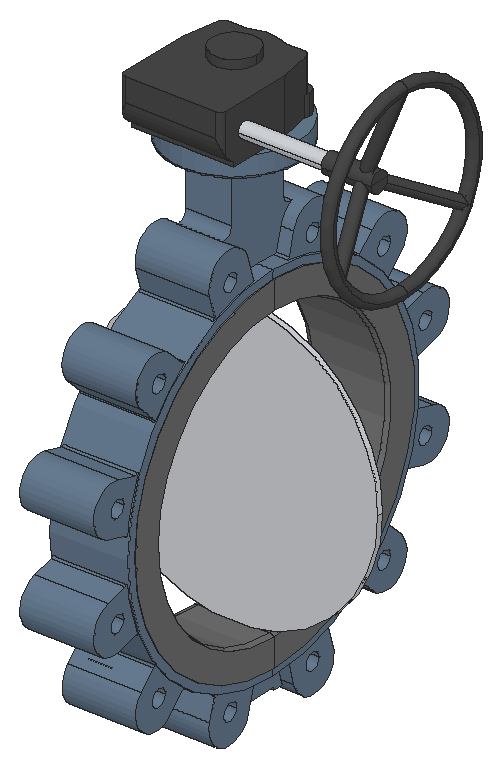
Revit family "Запорно-регулирующая заслонка с ручным редукторным приводом AF-4219", category Rohrzubehör, Revit 2020
Family settings
  Bemaßung runder Anschluss = Durchmesser verwenden
  Teiletyp = Unterbricht
  OmniClass-Nummer = 23.65.55.14
  OmniClass-Titel = Valves for Liquid Services
  Arbeitsebenenbasiert = Nein
  Immer vertikal = Ja
  Beim Laden mit Abzugskörper schneiden = Nein
  Gemeinsam genutzt = Nein
Parameters
  Шпиндель = "Нержавеющая сталь ASTM-A276 / Type 316"  # constant formula
  Фланцевое соединение = "В соответствии с EN1092-2"  # constant formula
  Уплотнение корпуса = "EPDM в соответствии с ISO 1691"  # constant formula
  Среда = "Качество теплоносителя в соответствии с ÖNORM H5195 и/или предписаниями VDI 2035.\r\nРазрешается использование смеси этилен или пропиленгликоля в соотношении 25-50% с водой."
  Область применения = "Применяются в системах тепло- и холодоснабжения."
  Номер заказа [instance] = size_lookup("4219_AF_G", "Artnr", 421911, Nennweite)  # 1421979
  Макс. рабочая температура = 110 °C  # constant formula
  Крутящий момент в Нм [instance] = size_lookup("4219_AF_G", "Nm", 20, Nennweite)  # 350
  Корпус = "Чугун GGG, GJS-400-15/JS1030, в соответствии с EN1563"  # constant formula
  Диск = "Нержавеющая сталь 1.4408"  # constant formula
  Вес [instance] = size_lookup("4219_AF_G", "Gewicht", 3.8, Nennweite)  # 37.6
  Болты [instance] = if(Nennweite = 50 mm, "4x M16x35", if(Nennweite = 65 mm, "4x M16x35", if(Nennweite = 80 mm, "8x M16x35", if(Nennweite = 100 mm, "8x M16x40", if(Nennweite = 125 mm, "8x M16x40", if(Nennweite = 150 mm, "8x M20x40", if(Nennweite = 200 mm, "12x M20x45", if(Nennweite = 250 mm, "12x M24x45", "12x M24x45"))))))))  # "12x M24x45"
  Vorgabe-Ansicht = 0 mm
  URL = "www.herz-armaturen.ru"
  SCTWSEQ = "FW;SBT_TYP_FW=\"101\";2"
  SCTWCODE = "04;07;02"  # constant formula
  SCRNSEQ = "ARM;ARM_TYP=\"ALLF\";2"
  SCRNCODE = "05;13;02"  # constant formula
  R99 = 1.5 mm  # constant formula
  PN [instance] = size_lookup("4219_AF_G", "PN", 16, Nennweite)  # 10
  O-Ring = "EPDM в соответствии с ISO 1691"  # constant formula
  Мин. рабочая температура = "-20.00 °C при соответствующей водно-гликолевой смеси"  # constant formula
  L04 [instance] = L01 - 3.5 mm  # 35.5 mm
  L03 [instance] = L01 + 1.5 mm  # 40.5 mm
  L02 [instance] = size_lookup("4219_AF_G", "L2", 14.5 mm, Nennweite)  # 30.5 mm
  L01 [instance] = size_lookup("4219_AF_G", "L1", 21.5 mm, Nennweite)  # 39 mm
  R01 [instance] = size_lookup("4219_AF_G", "R1", 44 mm, Nennweite)  # 65 mm
  Nennweite [instance] = 300 mm
  Hersteller = "HERZ Armaturen Ges.m.b.H."  # constant formula
  H02 [instance] = size_lookup("4219_AF_G", "H2", 13 mm, Nennweite)  # 20 mm
  H01 [instance] = size_lookup("4219_AF_G", "H1", 125 mm, Nennweite)  # 308 mm
  DN80 [instance] = Nennweite = 80 mm  # no
  DN65 [instance] = Nennweite = 65 mm  # no
  DN50 [instance] = Nennweite = 50 mm  # no
  DN300 [instance] = Nennweite = 300 mm  # yes
  DN250 [instance] = Nennweite = 250 mm  # no
  DN200 [instance] = Nennweite = 200 mm  # no
  DN150 [instance] = Nennweite = 150 mm  # no
  DN125 [instance] = Nennweite = 125 mm  # no
  DN100 [instance] = Nennweite = 100 mm  # no
  D06 [instance] = size_lookup("4219_AF_G", "D6", 25.3 mm, Nennweite)  # 146.5 mm
  D05 [instance] = size_lookup("4219_AF_G", "D5", 24.5 mm, Nennweite)  # 145 mm
  D04 [instance] = D05 + 2 mm  # 147 mm
  D03 [instance] = size_lookup("4219_AF_G", "D3", 35.5 mm, Nennweite)  # 167.5 mm
  D02 [instance] = size_lookup("4219_AF_G", "D2", 41 mm, Nennweite)  # 175 mm
  D01 [instance] = size_lookup("4219_AF_G", "D1", 47 mm, Nennweite)  # 183 mm
Reference planes
  plane 1 "Mitte (Vorne/hinten)": y = 0
  plane 2: z = 0
  plane 3 "Mitte (Links/rechts)": x = 0
Forms (mm)
  Revolve 1, solid, material "Herz-Metall-blau", detail levels fine
    sketch origin (0, 0, 0) x (1, 0, 0) y (0, 0, 1)
      loop
        line (-30.5, 175) -> (-30.5, 167.5) -> (30.5, 167.5) -> (30.5, 175) -> (39, 175) -> (39, 183) -> (-39, 183) -> (-39, 175) -> (-30.5, 175)
      axis (-39, 0) -> (39, 0)
    angle from 0 to 360
  Revolve 2, solid, material "Herz-Metall-blau", detail levels fine
    sketch origin (0, 0, 0) x (1, 0, 0) y (0, 0, 1)
      loop
        line (-65, 308) -> (-65, 289.463)
        arc (-65, 289.463) -> (-64.673, 288.527) -> (-63.833, 288) r 1.5
        line (-63.833, 288) -> (0, 288) -> (0, 308) -> (-65, 308)
      axis (0, 308) -> (0, 288)
    angle from 0 to 360
  Extrusion 3, solid, material "Herz-Metall-blau", visible <- "DN50", detail levels fine
    sketch origin (0, 0, 0) x (0, 1, 0) y (0, 0, 1)
      loop
        line (56.215, -32.173) -> (43.95, -19.909)
        arc (43.95, -19.909) -> (43.387, -18.793) -> (43.596, -17.56) r 2
        arc (43.596, -17.56) -> (33.234, -33.234) -> (17.56, -43.596) r 47
        arc (17.56, -43.596) -> (18.793, -43.387) -> (19.909, -43.95) r 2
        line (19.909, -43.95) -> (32.173, -56.215)
        arc (32.173, -56.215) -> (56.215, -56.215) -> (56.215, -32.173) r 17
      loop
        arc (-56.215, -32.173) -> (-56.215, -56.215) -> (-32.173, -56.215) r 17
        line (-32.173, -56.215) -> (-19.909, -43.95)
        arc (-19.909, -43.95) -> (-18.793, -43.387) -> (-17.56, -43.596) r 2
        arc (-17.56, -43.596) -> (-33.234, -33.234) -> (-43.596, -17.56) r 47
        arc (-43.596, -17.56) -> (-43.387, -18.793) -> (-43.95, -19.909) r 2
        line (-43.95, -19.909) -> (-56.215, -32.173)
      loop
        arc (56.215, 32.173) -> (56.215, 56.215) -> (32.173, 56.215) r 17
        line (32.173, 56.215) -> (19.909, 43.95)
        arc (19.909, 43.95) -> (18.793, 43.387) -> (17.56, 43.596) r 2
        arc (17.56, 43.596) -> (33.234, 33.234) -> (43.596, 17.56) r 47
        arc (43.596, 17.56) -> (43.387, 18.793) -> (43.95, 19.909) r 2
        line (43.95, 19.909) -> (56.215, 32.173)
      loop
        line (-56.215, 32.173) -> (-43.95, 19.909)
        arc (-43.95, 19.909) -> (-43.387, 18.793) -> (-43.596, 17.56) r 2
        arc (-43.596, 17.56) -> (-33.234, 33.234) -> (-17.56, 43.596) r 47
        arc (-17.56, 43.596) -> (-18.793, 43.387) -> (-19.909, 43.95) r 2
        line (-19.909, 43.95) -> (-32.173, 56.215)
        arc (-32.173, 56.215) -> (-56.215, 56.215) -> (-56.215, 32.173) r 17
      loop
        circle (-44.194, 44.194) r 6.92
      loop
        circle (44.194, 44.194) r 6.92
      loop
        circle (44.194, -44.194) r 6.92
      loop
        circle (-44.194, -44.194) r 6.92
    from -19.5 to 19.5
  Extrusion 4, solid, material "Herz-Metall-blau", visible <- "DN50", detail levels fine
    sketch origin (0, 0, 0) x (0, 1, 0) y (0, 0, 1)
      loop
        line (20, 74.845) -> (20, 112) -> (-20, 112) -> (-20, 74.845)
        arc (-20, 74.845) -> (-26.046, 62.811) -> (-39.31, 60.477) r 15
        arc (-39.31, 60.477) -> (-35.477, 58.789) -> (-32.173, 56.215) r 17
        line (-32.173, 56.215) -> (-19.909, 43.95)
        arc (-19.909, 43.95) -> (-18.793, 43.387) -> (-17.56, 43.596) r 2
        arc (-17.56, 43.596) -> (0, 47) -> (17.56, 43.596) r 47
        arc (17.56, 43.596) -> (18.793, 43.387) -> (19.909, 43.95) r 2
        line (19.909, 43.95) -> (32.173, 56.215)
        arc (32.173, 56.215) -> (35.477, 58.789) -> (39.31, 60.477) r 17
        arc (39.31, 60.477) -> (26.046, 62.811) -> (20, 74.845) r 15
    from -15 to 15
  Extrusion 5, solid, material "Herz-Metall-blau", visible <- "DN50"
    sketch origin (0, 0, 0) x (0, 1, 0) y (0, 0, 1)
      loop
        arc (33.834, -58) -> (34.246, -58.062) -> (34.622, -58.243) r 1.4
        arc (34.622, -58.243) -> (33.35, -57.286) -> (32.173, -56.215) r 17
        line (32.173, -56.215) -> (19.909, -43.95)
        arc (19.909, -43.95) -> (18.793, -43.387) -> (17.56, -43.596) r 2
        arc (17.56, -43.596) -> (0, -47) -> (-17.56, -43.596) r 47
        arc (-17.56, -43.596) -> (-18.793, -43.387) -> (-19.909, -43.95) r 2
        line (-19.909, -43.95) -> (-32.173, -56.215)
        arc (-32.173, -56.215) -> (-33.35, -57.286) -> (-34.622, -58.243) r 17
        arc (-34.622, -58.243) -> (-34.246, -58.062) -> (-33.834, -58) r 1.4
        line (-33.834, -58) -> (-16.963, -58)
        arc (-16.963, -58) -> (-15.575, -58.575) -> (-15, -59.963) r 1.963
        line (-15, -59.963) -> (-15, -61) -> (15, -61) -> (15, -59.963)
        arc (15, -59.963) -> (15.575, -58.575) -> (16.963, -58) r 1.963
        line (16.963, -58) -> (33.834, -58)
    from -15 to 15
  Revolve 6, solid, material "Gummi", detail levels fine
    sketch origin (-134.5, 0, 0) x (1, 0, 0) y (0, 0, 1)
      loop
        line (94, 175) -> (94, 147) -> (99, 145) -> (170, 145) -> (175, 147) -> (175, 175) -> (165, 175) -> (165, 167.5) -> (104, 167.5) -> (104, 175) -> (94, 175)
      axis (94, 0) -> (175, 0)
    angle from 0 to 360
  Extrusion 7, solid, detail levels fine
    sketch origin (0, 0, 0) x (1, 0, 0) y (0, 0, 1)
      loop
        circle (0, 0) r 146.5
    from -2.5 to 2.5
  Extrusion 8, solid, material "Herz-Metall-blau", visible <- "DN65", detail levels fine
    sketch origin (0, -300, 0) x (0, 1, 0) y (0, 0, 1)
      loop
        circle (351.265, 51.265) r 6.92
      loop
        arc (363.286, 39.244) -> (363.286, 63.286) -> (339.244, 63.286) r 17
        line (339.244, 63.286) -> (328.595, 52.636)
        arc (328.595, 52.636) -> (327.499, 52.076) -> (326.282, 52.264) r 2
        arc (326.282, 52.264) -> (341.366, 41.366) -> (352.264, 26.282) r 58.501
        arc (352.264, 26.282) -> (352.087, 27.51) -> (352.656, 28.614) r 2.038
        line (352.656, 28.614) -> (363.286, 39.244)
      loop
        circle (351.265, -51.265) r 6.92
      loop
        line (363.286, -39.244) -> (352.656, -28.614)
        arc (352.656, -28.614) -> (352.087, -27.51) -> (352.264, -26.282) r 2.038
        arc (352.264, -26.282) -> (341.366, -41.366) -> (326.282, -52.264) r 58.501
        arc (326.282, -52.264) -> (327.499, -52.076) -> (328.595, -52.636) r 2
        line (328.595, -52.636) -> (339.244, -63.286)
        arc (339.244, -63.286) -> (363.286, -63.286) -> (363.286, -39.244) r 17
      loop
        circle (248.735, 51.265) r 6.92
      loop
        line (236.714, 39.244) -> (247.344, 28.614)
        arc (247.344, 28.614) -> (247.913, 27.51) -> (247.736, 26.282) r 2.038
        arc (247.736, 26.282) -> (258.634, 41.366) -> (273.718, 52.264) r 58.501
        arc (273.718, 52.264) -> (272.501, 52.076) -> (271.405, 52.636) r 2
        line (271.405, 52.636) -> (260.756, 63.286)
        arc (260.756, 63.286) -> (236.714, 63.286) -> (236.714, 39.244) r 17
      loop
        circle (248.735, -51.265) r 6.92
      loop
        arc (236.714, -39.244) -> (236.714, -63.286) -> (260.756, -63.286) r 17
        line (260.756, -63.286) -> (271.405, -52.636)
        arc (271.405, -52.636) -> (272.501, -52.076) -> (273.718, -52.264) r 2
        arc (273.718, -52.264) -> (258.634, -41.366) -> (247.736, -26.282) r 58.501
        arc (247.736, -26.282) -> (247.913, -27.51) -> (247.344, -28.614) r 2.038
        line (247.344, -28.614) -> (236.714, -39.244)
    from -21 to 21
  Extrusion 9, solid, material "Herz-Metall-blau", visible <- "DN65", detail levels fine
    sketch origin (0, -300, 0) x (0, 1, 0) y (0, 0, 1)
      loop
        line (278, 136.5) -> (278, 78.286)
        arc (278, 78.286) -> (272.889, 69.099) -> (263, 65.53) r 14.984
        line (263, 65.53) -> (257.982, 65.53)
        arc (257.982, 65.53) -> (259.428, 64.481) -> (260.756, 63.286) r 17
        line (260.756, 63.286) -> (271.405, 52.636)
        arc (271.405, 52.636) -> (272.501, 52.076) -> (273.718, 52.264) r 2
        arc (273.718, 52.264) -> (300, 58.5) -> (326.282, 52.264) r 58.5
        arc (326.282, 52.264) -> (327.499, 52.076) -> (328.595, 52.636) r 2
        line (328.595, 52.636) -> (339.244, 63.286)
        arc (339.244, 63.286) -> (340.572, 64.481) -> (342.018, 65.53) r 17
        line (342.018, 65.53) -> (337, 65.53)
        arc (337, 65.53) -> (327.111, 69.099) -> (322, 78.286) r 14.984
        line (322, 78.286) -> (322, 136.5) -> (278, 136.5)
      loop
        arc (260.756, -63.286) -> (259.428, -64.481) -> (257.982, -65.53) r 17
        line (257.982, -65.53) -> (280.029, -65.53)
        arc (280.029, -65.53) -> (281.423, -66.108) -> (282, -67.501) r 1.971
        line (282, -67.501) -> (282, -74) -> (318, -74) -> (318, -67.527)
        arc (318, -67.527) -> (318.585, -66.115) -> (319.997, -65.53) r 1.997
        line (319.997, -65.53) -> (342.018, -65.53)
        arc (342.018, -65.53) -> (340.572, -64.481) -> (339.244, -63.286) r 17
        line (339.244, -63.286) -> (328.595, -52.636)
        arc (328.595, -52.636) -> (327.499, -52.076) -> (326.282, -52.264) r 2
        arc (326.282, -52.264) -> (300, -58.5) -> (273.718, -52.264) r 58.5
        arc (273.718, -52.264) -> (272.501, -52.076) -> (271.405, -52.636) r 2
        line (271.405, -52.636) -> (260.756, -63.286)
    from -18 to 18
  Extrusion 10, solid, material "Herz-Metall-blau", visible <- "DN80", detail levels fine
    sketch origin (0, -300, 0) x (0, 1, 0) y (0, 0, 1)
      loop
        circle (269.385, 73.91) r 6.92
      loop
        arc (285.091, 80.416) -> (262.88, 89.616) -> (253.679, 67.405) r 17
        line (253.679, 67.405) -> (259.513, 53.322)
        arc (259.513, 53.322) -> (259.602, 52.073) -> (258.924, 51.02) r 1.982
        arc (258.924, 51.02) -> (274.934, 60.514) -> (292.968, 65.121) r 65.5
        arc (292.968, 65.121) -> (291.745, 65.388) -> (290.924, 66.335) r 1.984
        line (290.924, 66.335) -> (285.091, 80.416)
      loop
        circle (226.09, 30.615) r 6.92
      loop
        line (219.584, 14.909) -> (233.665, 9.076)
        arc (233.665, 9.076) -> (234.612, 8.255) -> (234.879, 7.032) r 1.984
        arc (234.879, 7.032) -> (239.486, 25.066) -> (248.98, 41.076) r 65.5
        arc (248.98, 41.076) -> (247.927, 40.398) -> (246.678, 40.487) r 1.982
        line (246.678, 40.487) -> (232.595, 46.321)
        arc (232.595, 46.321) -> (210.384, 37.12) -> (219.584, 14.909) r 17
      loop
        circle (269.385, -73.91) r 6.92
      loop
        line (285.091, -80.416) -> (290.924, -66.335)
        arc (290.924, -66.335) -> (291.745, -65.388) -> (292.968, -65.121) r 1.984
        arc (292.968, -65.121) -> (274.934, -60.514) -> (258.924, -51.02) r 65.5
        arc (258.924, -51.02) -> (259.602, -52.073) -> (259.513, -53.322) r 1.982
        line (259.513, -53.322) -> (253.679, -67.405)
        arc (253.679, -67.405) -> (262.88, -89.616) -> (285.091, -80.416) r 17
      loop
        circle (226.09, -30.615) r 6.92
      loop
        arc (219.584, -14.909) -> (210.384, -37.12) -> (232.595, -46.321) r 17
        line (232.595, -46.321) -> (246.678, -40.487)
        arc (246.678, -40.487) -> (247.927, -40.398) -> (248.98, -41.076) r 1.982
        arc (248.98, -41.076) -> (239.486, -25.066) -> (234.879, -7.032) r 65.5
        arc (234.879, -7.032) -> (234.612, -8.255) -> (233.665, -9.076) r 1.984
        line (233.665, -9.076) -> (219.584, -14.909)
      loop
        circle (330.615, 73.91) r 6.92
      loop
        line (314.909, 80.416) -> (309.076, 66.335)
        arc (309.076, 66.335) -> (308.255, 65.388) -> (307.032, 65.121) r 1.984
        arc (307.032, 65.121) -> (325.066, 60.514) -> (341.076, 51.02) r 65.5
        arc (341.076, 51.02) -> (340.398, 52.073) -> (340.487, 53.322) r 1.982
        line (340.487, 53.322) -> (346.321, 67.405)
        arc (346.321, 67.405) -> (337.12, 89.616) -> (314.909, 80.416) r 17
      loop
        circle (373.91, 30.615) r 6.92
      loop
        arc (380.416, 14.909) -> (389.616, 37.12) -> (367.405, 46.321) r 17
        line (367.405, 46.321) -> (353.322, 40.487)
        arc (353.322, 40.487) -> (352.073, 40.398) -> (351.02, 41.076) r 1.982
        arc (351.02, 41.076) -> (360.514, 25.066) -> (365.121, 7.032) r 65.5
        arc (365.121, 7.032) -> (365.388, 8.255) -> (366.335, 9.076) r 1.984
        line (366.335, 9.076) -> (380.416, 14.909)
      loop
        circle (330.615, -73.91) r 6.92
      loop
        arc (314.909, -80.416) -> (337.12, -89.616) -> (346.321, -67.405) r 17
        line (346.321, -67.405) -> (340.487, -53.322)
        arc (340.487, -53.322) -> (340.398, -52.073) -> (341.076, -51.02) r 1.982
        arc (341.076, -51.02) -> (325.066, -60.514) -> (307.032, -65.121) r 65.5
        arc (307.032, -65.121) -> (308.255, -65.388) -> (309.076, -66.335) r 1.984
        line (309.076, -66.335) -> (314.909, -80.416)
      loop
        circle (373.91, -30.615) r 6.92
      loop
        line (380.416, -14.909) -> (366.335, -9.076)
        arc (366.335, -9.076) -> (365.388, -8.255) -> (365.121, -7.032) r 1.984
        arc (365.121, -7.032) -> (360.514, -25.066) -> (351.02, -41.076) r 65.5
        arc (351.02, -41.076) -> (352.073, -40.398) -> (353.322, -40.487) r 1.982
        line (353.322, -40.487) -> (367.405, -46.321)
        arc (367.405, -46.321) -> (389.616, -37.12) -> (380.416, -14.909) r 17
    from -21 to 21
  Extrusion 11, solid, material "Herz-Metall-blau", visible <- "DN80", detail levels fine
    sketch origin (0, -300, 0) x (0, 1, 0) y (0, 0, 1)
      loop
        line (278, 143.5) -> (278, 100.814)
        arc (278, 100.814) -> (275.545, 94.251) -> (269.385, 90.91) r 10
        arc (269.385, 90.91) -> (278.83, 88.045) -> (285.091, 80.416) r 17
        line (285.091, 80.416) -> (290.924, 66.335)
        arc (290.924, 66.335) -> (291.744, 65.388) -> (292.968, 65.121) r 1.984
        arc (292.968, 65.121) -> (300, 65.497) -> (307.032, 65.121) r 66.05
        arc (307.032, 65.121) -> (308.256, 65.388) -> (309.076, 66.335) r 1.984
        line (309.076, 66.335) -> (314.909, 80.416)
        arc (314.909, 80.416) -> (321.17, 88.045) -> (330.615, 90.91) r 17
        arc (330.615, 90.91) -> (324.455, 94.251) -> (322, 100.814) r 10
        line (322, 100.814) -> (322, 143.5) -> (278, 143.5)
      loop
        line (285.091, -80.416) -> (286.5, -80.946) -> (313.5, -80.946) -> (314.89, -80.371) -> (309.076, -66.335)
        arc (309.076, -66.335) -> (308.256, -65.388) -> (307.032, -65.121) r 1.984
        arc (307.032, -65.121) -> (300, -65.497) -> (292.968, -65.121) r 66.05
        arc (292.968, -65.121) -> (291.744, -65.388) -> (290.924, -66.335) r 1.984
        line (290.924, -66.335) -> (285.091, -80.416)
    from -18.5 to 18.5
  Extrusion 12, solid, material "Herz-Metall-blau", visible <- "DN100", detail levels fine
    sketch origin (0, -300, 0) x (0, 1, 0) y (0, 0, 1)
      loop
        circle (265.558, 83.149) r 6.92
      loop
        arc (281.264, 89.655) -> (259.053, 98.855) -> (249.853, 76.644) r 17
        line (249.853, 76.644) -> (255.731, 62.451)
        arc (255.731, 62.451) -> (255.813, 61.14) -> (255.074, 60.055) r 2.025
        arc (255.074, 60.055) -> (271.3, 69.291) -> (289.305, 74.233) r 75
        arc (289.305, 74.233) -> (288.012, 74.478) -> (287.142, 75.464) r 2.027
        line (287.142, 75.464) -> (281.264, 89.655)
      loop
        circle (216.851, 34.442) r 6.92
      loop
        line (210.345, 18.736) -> (224.536, 12.858)
        arc (224.536, 12.858) -> (225.522, 11.988) -> (225.767, 10.695) r 2.027
        arc (225.767, 10.695) -> (230.709, 28.7) -> (239.945, 44.926) r 75
        arc (239.945, 44.926) -> (238.86, 44.187) -> (237.549, 44.269) r 2.025
        line (237.549, 44.269) -> (223.356, 50.147)
        arc (223.356, 50.147) -> (201.145, 40.947) -> (210.345, 18.736) r 17
      loop
        circle (265.558, -83.149) r 6.92
      loop
        line (281.264, -89.655) -> (287.142, -75.464)
        arc (287.142, -75.464) -> (288.012, -74.478) -> (289.305, -74.233) r 2.027
        arc (289.305, -74.233) -> (271.3, -69.291) -> (255.074, -60.055) r 75
        arc (255.074, -60.055) -> (255.813, -61.14) -> (255.731, -62.451) r 2.025
        line (255.731, -62.451) -> (249.853, -76.644)
        arc (249.853, -76.644) -> (259.053, -98.855) -> (281.264, -89.655) r 17
      loop
        circle (216.851, -34.442) r 6.92
      loop
        arc (210.345, -18.736) -> (201.145, -40.947) -> (223.356, -50.147) r 17
        line (223.356, -50.147) -> (237.549, -44.269)
        arc (237.549, -44.269) -> (238.86, -44.187) -> (239.945, -44.926) r 2.025
        arc (239.945, -44.926) -> (230.709, -28.7) -> (225.767, -10.695) r 75
        arc (225.767, -10.695) -> (225.522, -11.988) -> (224.536, -12.858) r 2.027
        line (224.536, -12.858) -> (210.345, -18.736)
      loop
        circle (334.442, 83.149) r 6.92
      loop
        line (318.736, 89.655) -> (312.858, 75.464)
        arc (312.858, 75.464) -> (311.988, 74.478) -> (310.695, 74.233) r 2.027
        arc (310.695, 74.233) -> (328.7, 69.291) -> (344.926, 60.055) r 75
        arc (344.926, 60.055) -> (344.187, 61.14) -> (344.269, 62.451) r 2.025
        line (344.269, 62.451) -> (350.147, 76.644)
        arc (350.147, 76.644) -> (340.947, 98.855) -> (318.736, 89.655) r 17
      loop
        circle (383.149, 34.442) r 6.92
      loop
        arc (389.655, 18.736) -> (398.855, 40.947) -> (376.644, 50.147) r 17
        line (376.644, 50.147) -> (362.451, 44.269)
        arc (362.451, 44.269) -> (361.14, 44.187) -> (360.055, 44.926) r 2.025
        arc (360.055, 44.926) -> (369.291, 28.7) -> (374.233, 10.695) r 75
        arc (374.233, 10.695) -> (374.478, 11.988) -> (375.464, 12.858) r 2.027
        line (375.464, 12.858) -> (389.655, 18.736)
      loop
        circle (334.442, -83.149) r 6.92
      loop
        arc (318.736, -89.655) -> (340.947, -98.855) -> (350.147, -76.644) r 17
        line (350.147, -76.644) -> (344.269, -62.451)
        arc (344.269, -62.451) -> (344.187, -61.14) -> (344.926, -60.055) r 2.025
        arc (344.926, -60.055) -> (328.7, -69.291) -> (310.695, -74.233) r 75
        arc (310.695, -74.233) -> (311.988, -74.478) -> (312.858, -75.464) r 2.027
        line (312.858, -75.464) -> (318.736, -89.655)
      loop
        circle (383.149, -34.442) r 6.92
      loop
        line (389.655, -18.736) -> (375.464, -12.858)
        arc (375.464, -12.858) -> (374.478, -11.988) -> (374.233, -10.695) r 2.027
        arc (374.233, -10.695) -> (369.291, -28.7) -> (360.055, -44.926) r 75
        arc (360.055, -44.926) -> (361.14, -44.187) -> (362.451, -44.269) r 2.025
        line (362.451, -44.269) -> (376.644, -50.147)
        arc (376.644, -50.147) -> (398.855, -40.947) -> (389.655, -18.736) r 17
    from -24 to 24
  Extrusion 13, solid, material "Herz-Metall-blau", visible <- "DN100", detail levels fine
    sketch origin (0, -300, 0) x (0, 1, 0) y (0, 0, 1)
      loop
        line (274, 167) -> (274, 114.47)
        arc (274, 114.47) -> (270.644, 105.014) -> (262.078, 99.789) r 15
        arc (262.078, 99.789) -> (273.498, 98.181) -> (281.264, 89.655) r 17
        line (281.264, 89.655) -> (287.142, 75.464)
        arc (287.142, 75.464) -> (288.012, 74.478) -> (289.305, 74.233) r 2.027
        arc (289.305, 74.233) -> (300, 75) -> (310.695, 74.233) r 75
        arc (310.695, 74.233) -> (311.988, 74.478) -> (312.858, 75.464) r 2.027
        line (312.858, 75.464) -> (318.736, 89.655)
        arc (318.736, 89.655) -> (326.502, 98.181) -> (337.922, 99.789) r 17
        arc (337.922, 99.789) -> (329.356, 105.014) -> (326, 114.47) r 15
        line (326, 114.47) -> (326, 167) -> (274, 167)
      loop
        line (286.5, -93) -> (313.5, -93) -> (313.5, -96) -> (323.312, -96)
        arc (323.312, -96) -> (320.654, -93.094) -> (318.736, -89.655) r 17
        line (318.736, -89.655) -> (312.858, -75.464)
        arc (312.858, -75.464) -> (311.988, -74.478) -> (310.695, -74.233) r 2.027
        arc (310.695, -74.233) -> (300, -75) -> (289.305, -74.233) r 75
        arc (289.305, -74.233) -> (288.012, -74.478) -> (287.142, -75.464) r 2.027
        line (287.142, -75.464) -> (281.264, -89.655)
        arc (281.264, -89.655) -> (279.346, -93.094) -> (276.688, -96) r 17
        line (276.688, -96) -> (286.5, -96) -> (286.5, -93)
    from -18 to 18
  Extrusion 14, solid, material "Herz-Metall-blau", visible <- "DN125", detail levels fine
    sketch origin (0, -300, 0) x (0, 1, 0) y (0, 0, 1)
      loop
        circle (259.818, 97.007) r 6.92
      loop
        arc (275.524, 103.513) -> (253.313, 112.713) -> (244.112, 90.502) r 17
        line (244.112, 90.502) -> (249.217, 78.179)
        arc (249.217, 78.179) -> (249.286, 76.825) -> (248.485, 75.731) r 2.023
        arc (248.485, 75.731) -> (264.902, 84.594) -> (282.772, 89.957) r 91.852
        arc (282.772, 89.957) -> (281.505, 90.18) -> (280.649, 91.141) r 1.958
        line (280.649, 91.141) -> (275.524, 103.513)
      loop
        circle (202.993, 40.182) r 6.92
      loop
        line (196.487, 24.476) -> (208.859, 19.351)
        arc (208.859, 19.351) -> (209.82, 18.495) -> (210.043, 17.228) r 1.958
        arc (210.043, 17.228) -> (215.406, 35.098) -> (224.269, 51.515) r 91.852
        arc (224.269, 51.515) -> (223.175, 50.714) -> (221.821, 50.783) r 2.023
        line (221.821, 50.783) -> (209.498, 55.888)
        arc (209.498, 55.888) -> (187.287, 46.687) -> (196.487, 24.476) r 17
      loop
        circle (259.818, -97.007) r 6.92
      loop
        line (275.524, -103.513) -> (280.649, -91.141)
        arc (280.649, -91.141) -> (281.505, -90.18) -> (282.772, -89.957) r 1.958
        arc (282.772, -89.957) -> (264.902, -84.594) -> (248.485, -75.731) r 91.852
        arc (248.485, -75.731) -> (249.286, -76.825) -> (249.217, -78.179) r 2.023
        line (249.217, -78.179) -> (244.112, -90.502)
        arc (244.112, -90.502) -> (253.313, -112.713) -> (275.524, -103.513) r 17
      loop
        circle (202.993, -40.182) r 6.92
      loop
        arc (196.487, -24.476) -> (187.287, -46.687) -> (209.498, -55.888) r 17
        line (209.498, -55.888) -> (221.821, -50.783)
        arc (221.821, -50.783) -> (223.175, -50.714) -> (224.269, -51.515) r 2.023
        arc (224.269, -51.515) -> (215.406, -35.098) -> (210.043, -17.228) r 91.852
        arc (210.043, -17.228) -> (209.82, -18.495) -> (208.859, -19.351) r 1.958
        line (208.859, -19.351) -> (196.487, -24.476)
      loop
        circle (340.182, 97.007) r 6.92
      loop
        line (324.476, 103.513) -> (319.351, 91.141)
        arc (319.351, 91.141) -> (318.495, 90.18) -> (317.228, 89.957) r 1.958
        arc (317.228, 89.957) -> (335.098, 84.594) -> (351.515, 75.731) r 91.852
        arc (351.515, 75.731) -> (350.714, 76.825) -> (350.783, 78.179) r 2.023
        line (350.783, 78.179) -> (355.888, 90.502)
        arc (355.888, 90.502) -> (346.687, 112.713) -> (324.476, 103.513) r 17
      loop
        circle (397.007, 40.182) r 6.92
      loop
        arc (403.513, 24.476) -> (412.713, 46.687) -> (390.502, 55.888) r 17
        line (390.502, 55.888) -> (378.179, 50.783)
        arc (378.179, 50.783) -> (376.825, 50.714) -> (375.731, 51.515) r 2.023
        arc (375.731, 51.515) -> (384.594, 35.098) -> (389.957, 17.228) r 91.852
        arc (389.957, 17.228) -> (390.18, 18.495) -> (391.141, 19.351) r 1.958
        line (391.141, 19.351) -> (403.513, 24.476)
      loop
        circle (340.182, -97.007) r 6.92
      loop
        arc (324.476, -103.513) -> (346.687, -112.713) -> (355.888, -90.502) r 17
        line (355.888, -90.502) -> (350.783, -78.179)
        arc (350.783, -78.179) -> (350.714, -76.825) -> (351.515, -75.731) r 2.023
        arc (351.515, -75.731) -> (335.098, -84.594) -> (317.228, -89.957) r 91.852
        arc (317.228, -89.957) -> (318.495, -90.18) -> (319.351, -91.141) r 1.958
        line (319.351, -91.141) -> (324.476, -103.513)
      loop
        circle (397.007, -40.182) r 6.92
      loop
        line (403.513, -24.476) -> (391.141, -19.351)
        arc (391.141, -19.351) -> (390.18, -18.495) -> (389.957, -17.228) r 1.958
        arc (389.957, -17.228) -> (384.594, -35.098) -> (375.731, -51.515) r 91.852
        arc (375.731, -51.515) -> (376.825, -50.714) -> (378.179, -50.783) r 2.023
        line (378.179, -50.783) -> (390.502, -55.888)
        arc (390.502, -55.888) -> (412.713, -46.687) -> (403.513, -24.476) r 17
    from -26 to 26
  Extrusion 15, solid, material "Herz-Metall-blau", visible <- "DN125", detail levels fine
    sketch origin (0, -300, 0) x (0, 1, 0) y (0, 0, 1)
      loop
        line (273.999, 186) -> (273.95, 123.689)
        arc (273.95, 123.689) -> (270.458, 116.096) -> (262.42, 113.807) r 10
        arc (262.42, 113.807) -> (270.32, 110.376) -> (275.524, 103.513) r 17
        line (275.524, 103.513) -> (280.649, 91.141)
        arc (280.649, 91.141) -> (281.528, 90.167) -> (282.825, 89.967) r 1.958
        arc (282.825, 89.967) -> (299.999, 91.589) -> (317.173, 89.967) r 91.7
        arc (317.173, 89.967) -> (318.469, 90.167) -> (319.348, 91.141) r 1.958
        line (319.348, 91.141) -> (324.473, 103.513)
        arc (324.473, 103.513) -> (329.677, 110.376) -> (337.577, 113.807) r 17
        arc (337.577, 113.807) -> (329.539, 116.096) -> (325.999, 123.689) r 10
        line (325.999, 123.689) -> (325.999, 186) -> (273.999, 186)
      loop
        line (286.499, -110.51) -> (313.499, -110.51) -> (313.499, -113.51) -> (336.099, -113.51)
        arc (336.099, -113.51) -> (329.095, -109.897) -> (324.473, -103.513) r 17
        line (324.473, -103.513) -> (319.348, -91.141)
        arc (319.348, -91.141) -> (318.469, -90.167) -> (317.173, -89.967) r 1.958
        arc (317.173, -89.967) -> (299.999, -91.589) -> (282.825, -89.967) r 91.7
        arc (282.825, -89.967) -> (281.528, -90.167) -> (280.649, -91.141) r 1.958
        line (280.649, -91.141) -> (275.524, -103.513)
        arc (275.524, -103.513) -> (270.902, -109.897) -> (263.898, -113.51) r 17
        line (263.898, -113.51) -> (286.499, -113.51) -> (286.499, -110.51)
    from -18 to 18
  Extrusion 16, solid, material "Herz-Metall-blau", visible <- "DN150", detail levels fine
    sketch origin (0, -300, 0) x (0, 1, 0) y (0, 0, 1)
      loop
        circle (254.078, 110.866) r 8.645
      loop
        arc (273.479, 118.902) -> (246.042, 130.267) -> (234.677, 102.829) r 21
        line (234.677, 102.829) -> (241.591, 86.136)
        arc (241.591, 86.136) -> (241.664, 84.82) -> (240.899, 83.746) r 1.993
        arc (240.899, 83.746) -> (260.776, 94.698) -> (282.575, 101.008) r 102.504
        arc (282.575, 101.008) -> (281.263, 101.248) -> (280.379, 102.246) r 2.042
        line (280.379, 102.246) -> (273.479, 118.902)
      loop
        circle (189.134, 45.922) r 8.645
      loop
        line (181.098, 26.521) -> (197.754, 19.621)
        arc (197.754, 19.621) -> (198.752, 18.737) -> (198.992, 17.425) r 2.042
        arc (198.992, 17.425) -> (205.302, 39.224) -> (216.254, 59.101) r 102.504
        arc (216.254, 59.101) -> (215.18, 58.336) -> (213.864, 58.409) r 1.993
        line (213.864, 58.409) -> (197.171, 65.323)
        arc (197.171, 65.323) -> (169.733, 53.958) -> (181.098, 26.521) r 21
      loop
        circle (254.078, -110.866) r 8.645
      loop
        line (273.479, -118.902) -> (280.379, -102.246)
        arc (280.379, -102.246) -> (281.263, -101.248) -> (282.575, -101.008) r 2.042
        arc (282.575, -101.008) -> (260.776, -94.698) -> (240.899, -83.746) r 102.504
        arc (240.899, -83.746) -> (241.664, -84.82) -> (241.591, -86.136) r 1.993
        line (241.591, -86.136) -> (234.677, -102.829)
        arc (234.677, -102.829) -> (246.042, -130.267) -> (273.479, -118.902) r 21
      loop
        circle (189.134, -45.922) r 8.645
      loop
        arc (181.098, -26.521) -> (169.733, -53.958) -> (197.171, -65.323) r 21
        line (197.171, -65.323) -> (213.864, -58.409)
        arc (213.864, -58.409) -> (215.18, -58.336) -> (216.254, -59.101) r 1.993
        arc (216.254, -59.101) -> (205.302, -39.224) -> (198.992, -17.425) r 102.504
        arc (198.992, -17.425) -> (198.752, -18.737) -> (197.754, -19.621) r 2.042
        line (197.754, -19.621) -> (181.098, -26.521)
      loop
        circle (345.922, 110.866) r 8.645
      loop
        line (326.521, 118.902) -> (319.621, 102.246)
        arc (319.621, 102.246) -> (318.737, 101.248) -> (317.425, 101.008) r 2.042
        arc (317.425, 101.008) -> (339.224, 94.698) -> (359.101, 83.746) r 102.504
        arc (359.101, 83.746) -> (358.336, 84.82) -> (358.409, 86.136) r 1.993
        line (358.409, 86.136) -> (365.323, 102.829)
        arc (365.323, 102.829) -> (353.958, 130.267) -> (326.521, 118.902) r 21
      loop
        circle (410.866, 45.922) r 8.645
      loop
        arc (418.902, 26.521) -> (430.267, 53.958) -> (402.829, 65.323) r 21
        line (402.829, 65.323) -> (386.136, 58.409)
        arc (386.136, 58.409) -> (384.82, 58.336) -> (383.746, 59.101) r 1.993
        arc (383.746, 59.101) -> (394.698, 39.224) -> (401.008, 17.425) r 102.504
        arc (401.008, 17.425) -> (401.248, 18.737) -> (402.246, 19.621) r 2.042
        line (402.246, 19.621) -> (418.902, 26.521)
      loop
        circle (345.922, -110.866) r 8.645
      loop
        arc (326.521, -118.902) -> (353.958, -130.267) -> (365.323, -102.829) r 21
        line (365.323, -102.829) -> (358.409, -86.136)
        arc (358.409, -86.136) -> (358.336, -84.82) -> (359.101, -83.746) r 1.993
        arc (359.101, -83.746) -> (339.224, -94.698) -> (317.425, -101.008) r 102.504
        arc (317.425, -101.008) -> (318.737, -101.248) -> (319.621, -102.246) r 2.042
        line (319.621, -102.246) -> (326.521, -118.902)
      loop
        circle (410.866, -45.922) r 8.645
      loop
        line (418.902, -26.521) -> (402.246, -19.621)
        arc (402.246, -19.621) -> (401.248, -18.737) -> (401.008, -17.425) r 2.042
        arc (401.008, -17.425) -> (394.698, -39.224) -> (383.746, -59.101) r 102.504
        arc (383.746, -59.101) -> (384.82, -58.336) -> (386.136, -58.409) r 1.993
        line (386.136, -58.409) -> (402.829, -65.323)
        arc (402.829, -65.323) -> (430.267, -53.958) -> (418.902, -26.521) r 21
    from -26 to 26
  Extrusion 17, solid, material "Herz-Metall-blau", visible <- "DN150", detail levels fine
    sketch origin (0, -300, 0) x (0, 1, 0) y (0, 0, 1)
      loop
        line (274, 199) -> (274, 135)
        arc (274, 135) -> (272.527, 129.776) -> (268.541, 126.091) r 10
        arc (268.541, 126.091) -> (271.388, 122.755) -> (273.479, 118.902) r 21
        line (273.479, 118.902) -> (280.379, 102.246)
        arc (280.379, 102.246) -> (281.28, 101.239) -> (282.612, 101.014) r 2.042
        arc (282.612, 101.014) -> (300, 102.5) -> (317.388, 101.014) r 102.5
        arc (317.388, 101.014) -> (318.72, 101.239) -> (319.621, 102.246) r 2.042
        line (319.621, 102.246) -> (326.521, 118.902)
        arc (326.521, 118.902) -> (328.612, 122.755) -> (331.459, 126.091) r 21
        arc (331.459, 126.091) -> (327.473, 129.776) -> (326, 135) r 10
        line (326, 135) -> (326, 199) -> (274, 199)
      loop
        line (286.5, -122.5) -> (313.5, -122.5) -> (313.5, -125.5) -> (330.861, -125.5)
        arc (330.861, -125.5) -> (328.378, -122.407) -> (326.521, -118.902) r 21
        line (326.521, -118.902) -> (319.621, -102.246)
        arc (319.621, -102.246) -> (318.72, -101.239) -> (317.388, -101.014) r 2.042
        arc (317.388, -101.014) -> (300, -102.5) -> (282.612, -101.014) r 102.5
        arc (282.612, -101.014) -> (281.28, -101.239) -> (280.379, -102.246) r 2.042
        line (280.379, -102.246) -> (273.479, -118.902)
        arc (273.479, -118.902) -> (271.622, -122.407) -> (269.139, -125.5) r 21
        line (269.139, -125.5) -> (286.5, -125.5) -> (286.5, -122.5)
    from -18 to 18
  Extrusion 18, solid, material "Herz-Metall-blau", visible <- "DN200", detail levels fine
    sketch origin (0, -400, 0) x (0, 1, 0) y (0, 0, 1)
      loop
        circle (361.824, 142.474) r 8.645
      loop
        arc (382.109, 147.909) -> (356.389, 162.759) -> (341.54, 137.039) r 21
        line (341.54, 137.039) -> (345.801, 121.136)
        arc (345.801, 121.136) -> (345.679, 119.74) -> (344.688, 118.75) r 2.048
        arc (344.688, 118.75) -> (366.062, 126.527) -> (388.459, 130.491) r 131
        arc (388.459, 130.491) -> (387.159, 130.838) -> (386.388, 131.939) r 1.965
        line (386.388, 131.939) -> (382.109, 147.909)
      loop
        circle (257.526, 38.176) r 8.645
      loop
        line (252.091, 17.891) -> (268.061, 13.612)
        arc (268.061, 13.612) -> (269.162, 12.841) -> (269.509, 11.541) r 1.965
        arc (269.509, 11.541) -> (273.473, 33.938) -> (281.25, 55.312) r 131
        arc (281.25, 55.312) -> (280.26, 54.321) -> (278.864, 54.199) r 2.048
        line (278.864, 54.199) -> (262.961, 58.46)
        arc (262.961, 58.46) -> (237.241, 43.611) -> (252.091, 17.891) r 21
      loop
        circle (295.702, 104.298) r 8.645
      loop
        line (280.853, 89.449) -> (292.543, 77.758)
        arc (292.543, 77.758) -> (293.111, 76.539) -> (292.762, 75.24) r 1.965
        arc (292.762, 75.24) -> (307.393, 92.655) -> (324.816, 107.277) r 131
        arc (324.816, 107.277) -> (323.463, 106.914) -> (322.193, 107.506) r 2.048
        line (322.193, 107.506) -> (310.551, 119.147)
        arc (310.551, 119.147) -> (280.853, 119.147) -> (280.853, 89.449) r 21
      loop
        circle (361.824, -142.474) r 8.645
      loop
        line (382.109, -147.909) -> (386.388, -131.939)
        arc (386.388, -131.939) -> (387.159, -130.838) -> (388.459, -130.491) r 1.965
        arc (388.459, -130.491) -> (366.062, -126.527) -> (344.688, -118.75) r 131
        arc (344.688, -118.75) -> (345.679, -119.74) -> (345.801, -121.136) r 2.048
        line (345.801, -121.136) -> (341.54, -137.039)
        arc (341.54, -137.039) -> (356.389, -162.759) -> (382.109, -147.909) r 21
      loop
        circle (257.526, -38.176) r 8.645
      loop
        arc (252.091, -17.891) -> (237.241, -43.611) -> (262.961, -58.46) r 21
        line (262.961, -58.46) -> (278.864, -54.199)
        arc (278.864, -54.199) -> (280.26, -54.321) -> (281.25, -55.312) r 2.048
        arc (281.25, -55.312) -> (273.473, -33.938) -> (269.509, -11.541) r 131
        arc (269.509, -11.541) -> (269.162, -12.841) -> (268.061, -13.612) r 1.965
        line (268.061, -13.612) -> (252.091, -17.891)
      loop
        circle (295.702, -104.298) r 8.645
      loop
        arc (280.853, -89.449) -> (280.853, -119.147) -> (310.551, -119.147) r 21
        line (310.551, -119.147) -> (322.193, -107.506)
        arc (322.193, -107.506) -> (323.463, -106.914) -> (324.816, -107.277) r 2.048
        arc (324.816, -107.277) -> (307.393, -92.655) -> (292.762, -75.24) r 131
        arc (292.762, -75.24) -> (293.111, -76.539) -> (292.543, -77.758) r 1.965
        line (292.543, -77.758) -> (280.853, -89.449)
      loop
        circle (438.176, 142.474) r 8.645
      loop
        line (417.891, 147.909) -> (413.612, 131.939)
        arc (413.612, 131.939) -> (412.841, 130.838) -> (411.541, 130.491) r 1.965
        arc (411.541, 130.491) -> (433.938, 126.527) -> (455.312, 118.75) r 131
        arc (455.312, 118.75) -> (454.321, 119.74) -> (454.199, 121.136) r 2.048
        line (454.199, 121.136) -> (458.46, 137.039)
        arc (458.46, 137.039) -> (443.611, 162.759) -> (417.891, 147.909) r 21
      loop
        circle (542.474, 38.176) r 8.645
      loop
        arc (547.909, 17.891) -> (562.759, 43.611) -> (537.039, 58.46) r 21
        line (537.039, 58.46) -> (521.136, 54.199)
        arc (521.136, 54.199) -> (519.74, 54.321) -> (518.75, 55.312) r 2.048
        arc (518.75, 55.312) -> (526.527, 33.938) -> (530.491, 11.541) r 131
        arc (530.491, 11.541) -> (530.838, 12.841) -> (531.939, 13.612) r 1.965
        line (531.939, 13.612) -> (547.909, 17.891)
      loop
        circle (504.298, 104.298) r 8.645
      loop
        arc (519.147, 89.449) -> (519.147, 119.147) -> (489.449, 119.147) r 21
        line (489.449, 119.147) -> (477.807, 107.506)
        arc (477.807, 107.506) -> (476.537, 106.914) -> (475.184, 107.277) r 2.048
        arc (475.184, 107.277) -> (492.607, 92.655) -> (507.238, 75.24) r 131
        arc (507.238, 75.24) -> (506.889, 76.539) -> (507.457, 77.758) r 1.965
        line (507.457, 77.758) -> (519.147, 89.449)
      loop
        circle (438.176, -142.474) r 8.645
      loop
        arc (417.891, -147.909) -> (443.611, -162.759) -> (458.46, -137.039) r 21
        line (458.46, -137.039) -> (454.199, -121.136)
        arc (454.199, -121.136) -> (454.321, -119.74) -> (455.312, -118.75) r 2.048
        arc (455.312, -118.75) -> (433.938, -126.527) -> (411.541, -130.491) r 131
        arc (411.541, -130.491) -> (412.841, -130.838) -> (413.612, -131.939) r 1.965
        line (413.612, -131.939) -> (417.891, -147.909)
      loop
        circle (542.474, -38.176) r 8.645
      loop
        line (547.909, -17.891) -> (531.939, -13.612)
        arc (531.939, -13.612) -> (530.838, -12.841) -> (530.491, -11.541) r 1.965
        arc (530.491, -11.541) -> (526.527, -33.938) -> (518.75, -55.312) r 131
        arc (518.75, -55.312) -> (519.74, -54.321) -> (521.136, -54.199) r 2.048
        line (521.136, -54.199) -> (537.039, -58.46)
        arc (537.039, -58.46) -> (562.759, -43.611) -> (547.909, -17.891) r 21
      loop
        circle (504.298, -104.298) r 8.645
      loop
        line (519.147, -89.449) -> (507.457, -77.758)
        arc (507.457, -77.758) -> (506.889, -76.539) -> (507.238, -75.24) r 1.965
        arc (507.238, -75.24) -> (492.607, -92.655) -> (475.184, -107.277) r 131
        arc (475.184, -107.277) -> (476.537, -106.914) -> (477.807, -107.506) r 2.048
        line (477.807, -107.506) -> (489.449, -119.147)
        arc (489.449, -119.147) -> (519.147, -119.147) -> (519.147, -89.449) r 21
    from -28 to 28
  Extrusion 19, solid, material "Herz-Metall-blau", visible <- "DN200", detail levels fine
    sketch origin (0, -400, 0) x (0, 1, 0) y (0, 0, 1)
      loop
        arc (411.541, 130.491) -> (412.841, 130.838) -> (413.612, 131.939) r 1.965
        line (413.612, 131.939) -> (417.891, 147.909)
        arc (417.891, 147.909) -> (422.597, 156.556) -> (430.727, 162.108) r 21
        arc (430.727, 162.108) -> (428.869, 162.334) -> (428, 163.99) r 2.013
        line (428, 163.99) -> (428, 230) -> (372, 230) -> (372, 163.99)
        arc (372, 163.99) -> (371.131, 162.334) -> (369.273, 162.108) r 2.013
        arc (369.273, 162.108) -> (377.403, 156.556) -> (382.109, 147.909) r 21
        line (382.109, 147.909) -> (386.388, 131.939)
        arc (386.388, 131.939) -> (387.159, 130.838) -> (388.459, 130.491) r 1.965
        arc (388.459, 130.491) -> (400, 131) -> (411.541, 130.491) r 131
      loop
        arc (411.541, -130.491) -> (400, -131) -> (388.459, -130.491) r 131
        arc (388.459, -130.491) -> (387.159, -130.838) -> (386.388, -131.939) r 1.965
        line (386.388, -131.939) -> (382.109, -147.909)
        arc (382.109, -147.909) -> (381.328, -150.259) -> (380.276, -152.5) r 21
        line (380.276, -152.5) -> (419.724, -152.5)
        arc (419.724, -152.5) -> (418.672, -150.259) -> (417.891, -147.909) r 21
        line (417.891, -147.909) -> (413.612, -131.939)
        arc (413.612, -131.939) -> (412.841, -130.838) -> (411.541, -130.491) r 1.965
    from -20 to 20
  Extrusion 20, solid, material "Herz-Metall-blau", visible <- "DN250", detail levels fine
    sketch origin (0, -500, 0) x (0, 1, 0) y (0, 0, 1)
      loop
        circle (454.707, 169.037) r 8.645
      loop
        arc (478.208, 177.922) -> (447.589, 195.6) -> (429.911, 164.981) r 25
        line (429.911, 164.981) -> (435.025, 145.897)
        arc (435.025, 145.897) -> (434.902, 144.5) -> (433.907, 143.512) r 2.044
        arc (433.907, 143.512) -> (458.94, 152.587) -> (485.142, 157.329) r 158
        arc (485.142, 157.329) -> (483.991, 157.793) -> (483.322, 158.837) r 2.043
        line (483.322, 158.837) -> (478.208, 177.922)
      loop
        circle (376.468, 123.866) r 8.645
      loop
        line (357.022, 107.956) -> (370.994, 93.984)
        arc (370.994, 93.984) -> (371.563, 92.882) -> (371.39, 91.654) r 2.043
        arc (371.39, 91.654) -> (388.597, 111.974) -> (408.973, 129.116) r 158
        arc (408.973, 129.116) -> (407.62, 128.749) -> (406.348, 129.34) r 2.044
        line (406.348, 129.34) -> (392.378, 143.311)
        arc (392.378, 143.311) -> (357.022, 143.311) -> (357.022, 107.956) r 25
      loop
        circle (331.268, 45.598) r 8.645
      loop
        line (322.382, 22.097) -> (341.468, 16.983)
        arc (341.468, 16.983) -> (342.512, 16.313) -> (342.976, 15.163) r 2.043
        arc (342.976, 15.163) -> (347.718, 41.365) -> (356.793, 66.398) r 158
        arc (356.793, 66.398) -> (355.804, 65.403) -> (354.408, 65.28) r 2.044
        line (354.408, 65.28) -> (335.323, 70.393)
        arc (335.323, 70.393) -> (304.705, 52.716) -> (322.382, 22.097) r 25
      loop
        circle (454.707, -169.037) r 8.645
      loop
        line (478.208, -177.922) -> (483.322, -158.837)
        arc (483.322, -158.837) -> (483.991, -157.793) -> (485.142, -157.329) r 2.043
        arc (485.142, -157.329) -> (458.94, -152.587) -> (433.907, -143.512) r 158
        arc (433.907, -143.512) -> (434.902, -144.5) -> (435.025, -145.897) r 2.044
        line (435.025, -145.897) -> (429.911, -164.981)
        arc (429.911, -164.981) -> (447.589, -195.6) -> (478.208, -177.922) r 25
      loop
        circle (376.468, -123.866) r 8.645
      loop
        arc (357.022, -107.956) -> (357.022, -143.311) -> (392.378, -143.311) r 25
        line (392.378, -143.311) -> (406.348, -129.34)
        arc (406.348, -129.34) -> (407.62, -128.749) -> (408.973, -129.116) r 2.044
        arc (408.973, -129.116) -> (388.597, -111.974) -> (371.39, -91.654) r 158
        arc (371.39, -91.654) -> (371.563, -92.882) -> (370.994, -93.984) r 2.043
        line (370.994, -93.984) -> (357.022, -107.956)
      loop
        circle (331.268, -45.598) r 8.645
      loop
        arc (322.382, -22.097) -> (304.705, -52.716) -> (335.323, -70.393) r 25
        line (335.323, -70.393) -> (354.408, -65.28)
        arc (354.408, -65.28) -> (355.804, -65.403) -> (356.793, -66.398) r 2.044
        arc (356.793, -66.398) -> (347.718, -41.365) -> (342.976, -15.163) r 158
        arc (342.976, -15.163) -> (342.512, -16.313) -> (341.468, -16.983) r 2.043
        line (341.468, -16.983) -> (322.382, -22.097)
      loop
        circle (545.128, 169.037) r 8.645
      loop
        line (521.626, 177.922) -> (516.513, 158.837)
        arc (516.513, 158.837) -> (515.843, 157.793) -> (514.693, 157.329) r 2.043
        arc (514.693, 157.329) -> (540.894, 152.587) -> (565.927, 143.512) r 158
        arc (565.927, 143.512) -> (564.933, 144.5) -> (564.809, 145.897) r 2.044
        line (564.809, 145.897) -> (569.923, 164.981)
        arc (569.923, 164.981) -> (552.245, 195.6) -> (521.626, 177.922) r 25
      loop
        circle (623.367, 123.866) r 8.645
      loop
        arc (642.812, 107.956) -> (642.812, 143.311) -> (607.457, 143.311) r 25
        line (607.457, 143.311) -> (593.486, 129.34)
        arc (593.486, 129.34) -> (592.215, 128.749) -> (590.862, 129.116) r 2.044
        arc (590.862, 129.116) -> (611.237, 111.974) -> (628.444, 91.654) r 158
        arc (628.444, 91.654) -> (628.271, 92.882) -> (628.841, 93.984) r 2.043
        line (628.841, 93.984) -> (642.812, 107.956)
      loop
        circle (668.567, 45.598) r 8.645
      loop
        arc (677.452, 22.097) -> (695.13, 52.716) -> (664.511, 70.393) r 25
        line (664.511, 70.393) -> (645.426, 65.28)
        arc (645.426, 65.28) -> (644.03, 65.403) -> (643.042, 66.398) r 2.044
        arc (643.042, 66.398) -> (652.116, 41.365) -> (656.858, 15.163) r 158
        arc (656.858, 15.163) -> (657.323, 16.313) -> (658.367, 16.983) r 2.043
        line (658.367, 16.983) -> (677.452, 22.097)
      loop
        circle (545.128, -169.037) r 8.645
      loop
        arc (521.626, -177.922) -> (552.245, -195.6) -> (569.923, -164.981) r 25
        line (569.923, -164.981) -> (564.809, -145.897)
        arc (564.809, -145.897) -> (564.933, -144.5) -> (565.927, -143.512) r 2.044
        arc (565.927, -143.512) -> (540.894, -152.587) -> (514.693, -157.329) r 158
        arc (514.693, -157.329) -> (515.843, -157.793) -> (516.513, -158.837) r 2.043
        line (516.513, -158.837) -> (521.626, -177.922)
      loop
        circle (623.367, -123.866) r 8.645
      loop
        line (642.812, -107.956) -> (628.841, -93.984)
        arc (628.841, -93.984) -> (628.271, -92.882) -> (628.444, -91.654) r 2.043
        arc (628.444, -91.654) -> (611.237, -111.974) -> (590.862, -129.116) r 158
        arc (590.862, -129.116) -> (592.215, -128.749) -> (593.486, -129.34) r 2.044
        line (593.486, -129.34) -> (607.457, -143.311)
        arc (607.457, -143.311) -> (642.812, -143.311) -> (642.812, -107.956) r 25
      loop
        circle (668.567, -45.598) r 8.645
      loop
        line (677.452, -22.097) -> (658.367, -16.983)
        arc (658.367, -16.983) -> (657.323, -16.313) -> (656.858, -15.163) r 2.043
        arc (656.858, -15.163) -> (652.116, -41.365) -> (643.042, -66.398) r 158
        arc (643.042, -66.398) -> (644.03, -65.403) -> (645.426, -65.28) r 2.044
        line (645.426, -65.28) -> (664.511, -70.393)
        arc (664.511, -70.393) -> (695.13, -52.716) -> (677.452, -22.097) r 25
    from -32 to 32
  Extrusion 21, solid, material "Herz-Metall-blau", visible <- "DN250", detail levels fine
    sketch origin (0, -500, 0) x (0, 1, 0) y (0, 0, 1)
      loop
        line (467.917, 263) -> (467.917, 195.639)
        arc (467.917, 195.639) -> (466.995, 193.978) -> (465.097, 193.884) r 1.957
        arc (465.097, 193.884) -> (473.378, 187.32) -> (478.208, 177.922) r 25
        line (478.208, 177.922) -> (483.33, 158.808)
        arc (483.33, 158.808) -> (483.997, 157.776) -> (485.142, 157.329) r 2
        arc (485.142, 157.329) -> (499.917, 158.021) -> (514.693, 157.329) r 158
        arc (514.693, 157.329) -> (515.837, 157.776) -> (516.505, 158.808) r 2
        line (516.505, 158.808) -> (521.626, 177.922)
        arc (521.626, 177.922) -> (526.456, 187.32) -> (534.737, 193.884) r 25
        arc (534.737, 193.884) -> (532.84, 193.978) -> (531.917, 195.639) r 1.957
        line (531.917, 195.639) -> (531.917, 263) -> (467.917, 263)
      loop
        line (478.917, -192.479) -> (520.917, -192.479) -> (520.917, -195.479) -> (538.868, -195.479)
        arc (538.868, -195.479) -> (527.938, -188.969) -> (521.626, -177.922) r 25
        line (521.626, -177.922) -> (516.505, -158.808)
        arc (516.505, -158.808) -> (515.837, -157.776) -> (514.693, -157.329) r 2
        arc (514.693, -157.329) -> (499.917, -158.021) -> (485.142, -157.329) r 158
        arc (485.142, -157.329) -> (483.997, -157.776) -> (483.33, -158.808) r 2
        line (483.33, -158.808) -> (478.208, -177.922)
        arc (478.208, -177.922) -> (471.897, -188.969) -> (460.966, -195.479) r 25
        line (460.966, -195.479) -> (478.917, -195.479) -> (478.917, -192.479)
    from -23 to 23
  Extrusion 22, solid, material "Herz-Metall-blau", visible <- "DN300", detail levels fine
    sketch origin (0, -600, 0) x (0, 1, 0) y (0, 0, 1)
      loop
        circle (548.236, 193.185) r 8.645
      loop
        arc (571.09, 204.485) -> (540.472, 222.163) -> (522.794, 191.544) r 25
        line (522.794, 191.544) -> (528.48, 170.323)
        arc (528.48, 170.323) -> (528.348, 168.926) -> (527.336, 167.955) r 2.013
        arc (527.336, 167.955) -> (552.476, 176.732) -> (578.624, 181.768) r 183
        arc (578.624, 181.768) -> (577.466, 182.19) -> (576.788, 183.22) r 1.96
        line (576.788, 183.22) -> (571.09, 204.485)
      loop
        circle (458.579, 141.421) r 8.645
      loop
        line (437.365, 127.279) -> (452.933, 111.712)
        arc (452.933, 111.712) -> (453.486, 110.61) -> (453.272, 109.396) r 1.96
        arc (453.272, 109.396) -> (470.707, 129.523) -> (490.879, 146.906) r 183
        arc (490.879, 146.906) -> (489.531, 146.515) -> (488.256, 147.1) r 2.013
        line (488.256, 147.1) -> (472.721, 162.635)
        arc (472.721, 162.635) -> (437.365, 162.635) -> (437.365, 127.279) r 25
      loop
        circle (406.815, 51.764) r 8.645
      loop
        line (395.515, 28.91) -> (416.78, 23.212)
        arc (416.78, 23.212) -> (417.81, 22.534) -> (418.232, 21.376) r 1.96
        arc (418.232, 21.376) -> (423.268, 47.524) -> (432.045, 72.664) r 183
        arc (432.045, 72.664) -> (431.074, 71.652) -> (429.677, 71.52) r 2.013
        line (429.677, 71.52) -> (408.456, 77.206)
        arc (408.456, 77.206) -> (377.837, 59.528) -> (395.515, 28.91) r 25
      loop
        circle (548.236, -193.185) r 8.645
      loop
        line (571.09, -204.485) -> (576.788, -183.22)
        arc (576.788, -183.22) -> (577.466, -182.19) -> (578.624, -181.768) r 1.96
        arc (578.624, -181.768) -> (552.476, -176.732) -> (527.336, -167.955) r 183
        arc (527.336, -167.955) -> (528.348, -168.926) -> (528.48, -170.323) r 2.013
        line (528.48, -170.323) -> (522.794, -191.544)
        arc (522.794, -191.544) -> (540.472, -222.163) -> (571.09, -204.485) r 25
      loop
        circle (458.579, -141.421) r 8.645
      loop
        arc (437.365, -127.279) -> (437.365, -162.635) -> (472.721, -162.635) r 25
        line (472.721, -162.635) -> (488.256, -147.1)
        arc (488.256, -147.1) -> (489.531, -146.515) -> (490.879, -146.906) r 2.013
        arc (490.879, -146.906) -> (470.707, -129.523) -> (453.272, -109.396) r 183
        arc (453.272, -109.396) -> (453.486, -110.61) -> (452.933, -111.712) r 1.96
        line (452.933, -111.712) -> (437.365, -127.279)
      loop
        circle (406.815, -51.764) r 8.645
      loop
        arc (395.515, -28.91) -> (377.837, -59.528) -> (408.456, -77.206) r 25
        line (408.456, -77.206) -> (429.677, -71.52)
        arc (429.677, -71.52) -> (431.074, -71.652) -> (432.045, -72.664) r 2.013
        arc (432.045, -72.664) -> (423.268, -47.524) -> (418.232, -21.376) r 183
        arc (418.232, -21.376) -> (417.81, -22.534) -> (416.78, -23.212) r 1.96
        line (416.78, -23.212) -> (395.515, -28.91)
      loop
        circle (651.764, 193.185) r 8.645
      loop
        line (628.91, 204.485) -> (623.212, 183.22)
        arc (623.212, 183.22) -> (622.534, 182.19) -> (621.376, 181.768) r 1.96
        arc (621.376, 181.768) -> (647.524, 176.732) -> (672.664, 167.955) r 183
        arc (672.664, 167.955) -> (671.652, 168.926) -> (671.52, 170.323) r 2.013
        line (671.52, 170.323) -> (677.206, 191.544)
        arc (677.206, 191.544) -> (659.528, 222.163) -> (628.91, 204.485) r 25
      loop
        circle (741.421, 141.421) r 8.645
      loop
        arc (762.635, 127.279) -> (762.635, 162.635) -> (727.279, 162.635) r 25
        line (727.279, 162.635) -> (711.744, 147.1)
        arc (711.744, 147.1) -> (710.469, 146.515) -> (709.121, 146.906) r 2.013
        arc (709.121, 146.906) -> (729.293, 129.523) -> (746.728, 109.396) r 183
        arc (746.728, 109.396) -> (746.514, 110.61) -> (747.067, 111.712) r 1.96
        line (747.067, 111.712) -> (762.635, 127.279)
      loop
        circle (793.185, 51.764) r 8.645
      loop
        arc (804.485, 28.91) -> (822.163, 59.528) -> (791.544, 77.206) r 25
        line (791.544, 77.206) -> (770.323, 71.52)
        arc (770.323, 71.52) -> (768.926, 71.652) -> (767.955, 72.664) r 2.013
        arc (767.955, 72.664) -> (776.732, 47.524) -> (781.768, 21.376) r 183
        arc (781.768, 21.376) -> (782.19, 22.534) -> (783.22, 23.212) r 1.96
        line (783.22, 23.212) -> (804.485, 28.91)
      loop
        circle (651.764, -193.185) r 8.645
      loop
        arc (628.91, -204.485) -> (659.528, -222.163) -> (677.206, -191.544) r 25
        line (677.206, -191.544) -> (671.52, -170.323)
        arc (671.52, -170.323) -> (671.652, -168.926) -> (672.664, -167.955) r 2.013
        arc (672.664, -167.955) -> (647.524, -176.732) -> (621.376, -181.768) r 183
        arc (621.376, -181.768) -> (622.534, -182.19) -> (623.212, -183.22) r 1.96
        line (623.212, -183.22) -> (628.91, -204.485)
      loop
        circle (741.421, -141.421) r 8.645
      loop
        line (762.635, -127.279) -> (747.067, -111.712)
        arc (747.067, -111.712) -> (746.514, -110.61) -> (746.728, -109.396) r 1.96
        arc (746.728, -109.396) -> (729.293, -129.523) -> (709.121, -146.906) r 183
        arc (709.121, -146.906) -> (710.469, -146.515) -> (711.744, -147.1) r 2.013
        line (711.744, -147.1) -> (727.279, -162.635)
        arc (727.279, -162.635) -> (762.635, -162.635) -> (762.635, -127.279) r 25
      loop
        circle (793.185, -51.764) r 8.645
      loop
        line (804.485, -28.91) -> (783.22, -23.212)
        arc (783.22, -23.212) -> (782.19, -22.534) -> (781.768, -21.376) r 1.96
        arc (781.768, -21.376) -> (776.732, -47.524) -> (767.955, -72.664) r 183
        arc (767.955, -72.664) -> (768.926, -71.652) -> (770.323, -71.52) r 2.013
        line (770.323, -71.52) -> (791.544, -77.206)
        arc (791.544, -77.206) -> (822.163, -59.528) -> (804.485, -28.91) r 25
    from -37 to 37
  Extrusion 23, solid, material "Herz-Metall-blau", visible <- "DN300", detail levels fine
    sketch origin (0, -600, 0) x (0, 1, 0) y (0, 0, 1)
      loop
        line (568, 288) -> (568, 231)
        arc (568, 231) -> (564.523, 223.42) -> (556.509, 221.112) r 10
        arc (556.509, 221.112) -> (565.738, 214.498) -> (571.09, 204.485) r 25
        line (571.09, 204.485) -> (576.788, 183.22)
        arc (576.788, 183.22) -> (577.483, 182.176) -> (578.668, 181.767) r 1.96
        arc (578.668, 181.767) -> (600, 183.015) -> (621.332, 181.767) r 183.015
        arc (621.332, 181.767) -> (622.517, 182.176) -> (623.212, 183.22) r 1.96
        line (623.212, 183.22) -> (628.91, 204.485)
        arc (628.91, 204.485) -> (634.262, 214.498) -> (643.491, 221.112) r 25
        arc (643.491, 221.112) -> (635.477, 223.42) -> (632, 231) r 10
        line (632, 231) -> (632, 288) -> (568, 288)
      loop
        arc (571.09, -204.485) -> (570.056, -207.54) -> (568.638, -210.436) r 25
        line (568.638, -210.436) -> (579, -210.436) -> (579, -207.436) -> (621, -207.436) -> (621, -210.436) -> (631.362, -210.436)
        arc (631.362, -210.436) -> (629.944, -207.54) -> (628.91, -204.485) r 25
        line (628.91, -204.485) -> (623.212, -183.22)
        arc (623.212, -183.22) -> (622.517, -182.176) -> (621.332, -181.767) r 1.96
        arc (621.332, -181.767) -> (600, -183.015) -> (578.668, -181.767) r 183.015
        arc (578.668, -181.767) -> (577.483, -182.176) -> (576.788, -183.22) r 1.96
        line (576.788, -183.22) -> (571.09, -204.485)
    from -23 to 23
Lines and regions (mm)
  model lines, detail levels coarse+medium
    curve 1: line (39, -183, 0) -> (-39, -183, 0)
    curve 2: line (-39, -183, 0) -> (-39, 183, 0)
    curve 3: line (-39, 183, 0) -> (39, 183, 0)
    curve 4: line (39, 183, 0) -> (39, -183, 0)
    curve 5: line (-39, 183, 0) -> (39, -183, 0)
    curve 6: circle (0, 0, 0) r 5 normal (0, 0, 1)
    curve 7: line (-39, 0, 183) -> (-39, 0, -183)
    curve 8: line (-39, 0, -183) -> (39, 0, -183)
    curve 9: line (39, 0, -183) -> (39, 0, 183)
    curve 10: line (39, 0, 183) -> (-39, 0, 183)
    curve 11: line (39, 0, -183) -> (-39, 0, 183)
    curve 12: circle (0, 0, 0) r 5 normal (0, -1, 0)
Dimensions and locks
  "H01": Revolve 2 sketch curve to plane 2
  "H02": Revolve 2 sketch curve to Revolve 2 sketch curve
  "R01": Revolve 2 sketch curve to Revolve 2 sketch curve
  "D01": plane 2 to Revolve 1 sketch curve
  "D02": plane 2 to Revolve 1 sketch curve
  "D03": plane 2 to Revolve 1 sketch curve
  "L01": Revolve 1 sketch curve to plane 3 "Mitte (Links/rechts)"
  "L02": plane 3 "Mitte (Links/rechts)" to Revolve 1 sketch curve  (x2)
